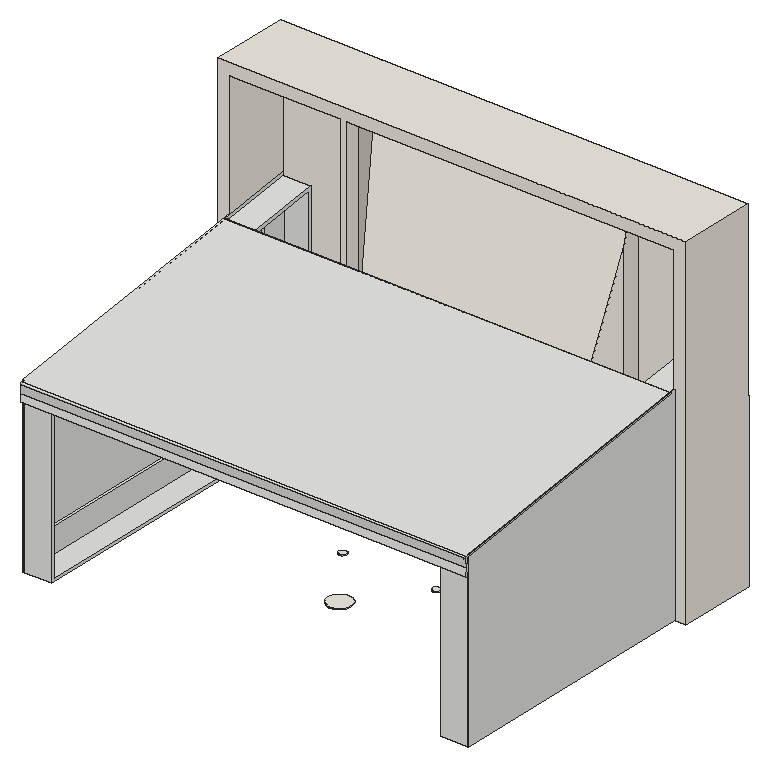
Revit family "Plumbing-Sink-Sloan-Valve-DSWD-81000", category Plumbing Fixtures, host Face, Revit 2019
Family settings
  Host = Face
  Round Connector Dimension = Use Diameter
  Part Type = Normal
  OmniClass Number = 23.45.05.14.14
  OmniClass Title = Sinks/Lavatories
  Cut with Voids When Loaded = No
  Shared = No
  Room Calculation Point = No
Parameters (values of type "DSWD-81000")
  Width = 30.00"  # constant formula
  Water Flow = 0.0 GPM
  Waste Connection = yes
  WFU = 2
  Vent Connection = no
  Valve Pressure Drop = 0.0 Pa
  URL = "www.sloanvalve.com"
  Sanitary Drain Connection Diameter = 1.50"
  Product data url = "https://bimobject.com/sloan_valve/product/sinks_designer-series_dswd-81000"
  Product Material = Sloan - Corian - Venaro White
  Product Guid = ""
  Part Number = ""
  Model = "DSWD-81000"
  Manufacturer = "Sloan Valve"  # constant formula
  Keynote = "10000"
  Hot Water Connection Diameter = 0.50"
  Height = 5.00"  # constant formula
  HWFU = 1.5
  HW Connection = yes
  z_Elevation [instance] = 34.00"  # constant formula
  Enclosure [instance] = yes
  Edition number = 1
  Description = "Designer Series™ 1-Station Wall-Mounted Weir Deck Sink."
  Depth = 22.00"  # constant formula
  Default Elevation = 0.00"  # constant formula
  Cold Water Connection Diameter = 0.50"
  CWFU = 1.5
  CW Connection = yes
  Assembly Code = "D2010400"
  ADA Compliant = 1 = 1  # yes
Reference planes (in)
  plane 1 "Center (Front/Back)": y = 0
  plane 2: z = 0
  plane 3 "Center (Left/Right)": x = 0
  plane 4: y = -14
  plane 5: y = -34
  plane 6: x = 0
  plane 7: z = 2.125
  plane 8: x = -15
  plane 9: x = 15
  plane 10: z = 22
  plane 11: x = -6
  plane 12: z = 2.69104
Forms (in)
  Extrusion 1, solid, not visible
    sketch origin (0, 0, 0) x (1, 0, 0) y (0, 1, 0)
      loop
        circle (0, -14) r 0.75
      loop
        circle (3, -10) r 0.25
      loop
        circle (-3, -10) r 0.25
    from 0 to 0.50971
Dimensions and locks (in)
  plane 4 to plane 1 "Center (Front/Back)" = 14.00"
  "z_Elevation": plane 5 to plane 1 "Center (Front/Back)"
  aligned and locked: plane 2 to host face
  aligned and locked: level to host face
  aligned and locked: plane 3 "Center (Left/Right)" to nested 1
  aligned and locked: plane 1 "Center (Front/Back)" to nested 1
Automatic sketch dimensions
  host sketch curve to host sketch curve = 96.00"  (x2)
  Extrusion 1 sketch curve to plane 3 "Center (Left/Right)" = 0.00"
  Extrusion 1 sketch curve to plane 4 = 0.00"
  Extrusion 1 sketch curve to plane 3 "Center (Left/Right)" = 3.00"
  plane 3 "Center (Left/Right)" to Extrusion 1 sketch curve = 3.00"
  plane 4 to Extrusion 1 sketch curve = 4.00"  (x2)
  radius of Extrusion 1 sketch curve = 0.75"
  radius of Extrusion 1 sketch curve = 0.25"  (x2)
Nested families (in)
  nested 1: "Geometry" at (0, 0, 0), type "Geometry"
Connectors (in)
  piping at (0, -14, 0), diameter 1.5, driven by "WFU", driven by "Sanitary Drain Connection Diameter"
    settings: on Extrusion 1, index 2, connector inside diameter 24.00", connector length 0.00", flow factor 0, pipe flow 0.0 GPM, pressure drop 0.0 Pa, fitting loss kfactor 0, connector angle 0.00°, fixture units 2, engagement length 0.00", angle of deflection 0.00°, flow configuration 3, flow direction 2, fitting loss method 0, system type 16, joint type 0, gender type 0, connector reference index -1, connector utility 0, adjustable connector no, is connector primary yes, connector description "Sanitary Drain Connection"
  piping at (3, -10, 0), diameter 0.5, driven by "Cold Water Connection Diameter"
    settings: on Extrusion 1, index 3, connector inside diameter 24.00", connector length 0.00", flow factor 0, pipe flow 0.0 GPM, pressure drop 0.0 Pa, fitting loss kfactor 0, connector angle 0.00°, fixture units 1.5, engagement length 0.00", angle of deflection 0.00°, flow configuration 3, flow direction 1, fitting loss method 0, system type 20, joint type 0, gender type 0, connector reference index -1, connector utility 0, adjustable connector no, is connector primary no, connector description "Cold Water Connection"
  piping at (-3, -10, 0), diameter 0.5, driven by "Hot Water Connection Diameter"
    settings: on Extrusion 1, index 4, connector inside diameter 24.00", connector length 0.00", flow factor 0, pipe flow 0.0 GPM, pressure drop 0.0 Pa, fitting loss kfactor 0, connector angle 0.00°, fixture units 1.5, engagement length 0.00", angle of deflection 0.00°, flow configuration 3, flow direction 1, fitting loss method 0, system type 19, joint type 0, gender type 0, connector reference index -1, connector utility 0, adjustable connector no, is connector primary no, connector description "Hot Water Connection"
Definition of nested family "Geometry"
  Parameters (values of type "Geometry")
    URL = ""
    Product Material = none
    Model = ""
    Metal Material = none
    Manufacturer = ""
    Enclosure Material = none
    Enclosure = yes
    Description = ""
    Default Elevation = 34.00"
    Assembly Code = ""
  Reference planes (in)
    plane 1 "Center (Front/Back)": y = 0
    plane 2: z = 0
    plane 3 "Center (Left/Right)": x = 0
    plane 4: z = 22
    plane 5: z = 5
    plane 6: z = 7.5
    plane 7: y = -5
    plane 8: y = -34
    plane 9: y = -13
    plane 10: z = 2.125
    plane 11: z = 19
    plane 12: y = -4
    plane 13: x = -15
    plane 14: x = 15
    plane 15: y = -11
  Forms (in)
    Extrusion 1, solid
      sketch origin (0, 0, 0) x (1, 0, 0) y (0, 1, 0)
        loop
          line (-48, 48) -> (-48, -48) -> (48, -48) -> (48, 48) -> (-48, 48)
      from 0 to -12
    Extrusion 2, solid, material <- "Product Material"
      sketch origin (-8.5, 0, 0) x (0, 1, 0) y (0, 0, 1)
        loop
          line (-5, 22) -> (-5, 21.25) -> (-0.98491, 21.25) -> (-4.57112, 8.25) -> (-5.75, 8.25) -> (-5.75, 4.25) -> (-0.75, 4.25) -> (-0.75, 0) -> (0, 0) -> (0, 5) -> (-5, 5) -> (-5, 7.5) -> (-4, 7.5) -> (0, 22) -> (-5, 22)
      from 0 to 17
    Sweep 3, solid, material <- "Product Material"
      path origin (0, 0, 0) x (1, 0, 0) y (0, 0, 1)
        loop
          line (15, 0) -> (15, 22) -> (8.5, 22)
      profile origin (15, 0, 22) x (0, 0, -1) y (0, -1, 0)
        loop
          line (0.75, 5) -> (0, 5) -> (0, 0) -> (0.75, 0) -> (0.75, 5)
    Extrusion 4, solid, material <- "Product Material"
      sketch origin (0, 0, 0) x (1, 0, 0) y (0, 0, 1)
        loop
          line (15, 22) -> (8.5, 22) -> (8.5, 0) -> (15, 0) -> (15, 22)
        loop
          line (-15, 22) -> (-15, 0) -> (-8.5, 0) -> (-8.5, 22) -> (-15, 22)
      from 0 to 0.75
    Sweep 5, solid, material <- "Product Material"
      path origin (0, 0, 0) x (-1, 0, 0) y (0, 0, 1)
        loop
          line (15, 0) -> (15, 22) -> (8.5, 22)
      profile origin (-15, 0, 22) x (0, 0, 1) y (0, -1, 0)
        loop
          line (-0.75, 5) -> (-0.75, 0) -> (0, 0) -> (0, 5) -> (-0.75, 5)
    Extrusion 6, solid, material <- "Metal Material"
      sketch origin (0, 0, 0) x (0, 1, 0) y (0, 0, 1)
        loop
          line (-4.5, 5.5625) -> (-4.5, 5.6875) -> (-5, 5.6875) -> (-5, 5.5625) -> (-4.5, 5.5625)
        loop
          line (-4.5, 6.1875) -> (-4.5, 6.3125) -> (-5, 6.3125) -> (-5, 6.1875) -> (-4.5, 6.1875)
        loop
          line (-4.5, 6.8125) -> (-4.5, 6.9375) -> (-5, 6.9375) -> (-5, 6.8125) -> (-4.5, 6.8125)
      from -6.75 to 7.13114
    Extrusion 7, solid, material <- "Product Material"
      sketch origin (0, 0, 0) x (1, 0, 0) y (0, 1, 0)
        loop
          line (-8.5, 0) -> (-8.5, -1.87117) -> (-7.13114, -5) -> (-6.75, -5) -> (-6.75, -4) -> (-8.5, 0)
      from 4.25 to 22
    Extrusion 8, solid, material <- "Product Material"
      sketch origin (0, 0, 0) x (-1, 0, 0) y (0, -1, 0)
        loop
          line (-8.5, 0) -> (-6.75, 4) -> (-6.75, 5) -> (-7.13114, 5) -> (-8.5, 1.87117) -> (-8.5, 0)
      from 4.25 to 22
    Extrusion 9, void
      sketch origin (0, 0, 0) x (0, 1, 0) y (0, 0, 1)
        loop
          line (-0.98491, 21.25) -> (-5, 21.25) -> (-5, 7.5) -> (-4.77801, 7.5) -> (-0.98491, 21.25)
      from -8.76751 to 9.46357
    Extrusion 10, void
      sketch origin (0, 0, 0) x (1, 0, 0) y (0, 1, 0)
        loop
          line (6.80301, -5.75) -> (8.5, -5.75) -> (8.5, -1.87117) -> (6.80301, -5.75)
      from 4.25 to 21.25
    Extrusion 11, void
      sketch origin (0, 0, 0) x (-1, 0, 0) y (0, -1, 0)
        loop
          line (6.80301, 5.75) -> (8.5, 1.87117) -> (8.5, 5.75) -> (6.80301, 5.75)
      from 4.25 to 21.25
    Extrusion 12, solid, material <- "Product Material"
      sketch origin (0, 0, 0) x (1, 0, 0) y (0, 1, 0)
        loop
          circle (0, -14) r 0.75
        loop
          circle (-3, -10) r 0.25
        loop
          circle (3, -10) r 0.25
      from -0.01123 to 0
  Cuts and joins
    Extrusion 10, Extrusion 11 cuts Extrusion 2
    Extrusion 11 cuts Sweep 3
    Extrusion 11 cuts Extrusion 4
    Extrusion 11 cuts Sweep 5
    Extrusion 11 cuts Extrusion 7
    Extrusion 9, Extrusion 11 cuts Extrusion 8
    joined: Extrusion 2, Sweep 3, Extrusion 4, Sweep 5, Extrusion 7, Extrusion 8
  Lines and regions (in)
    Masking region 1
      outline origin (0, 0, 0) x (1, 0, 0) y (0, 0, 1)
        loop
          line (15, 22) -> (-15, 22) -> (-15, 0) -> (15, 0) -> (15, 22)
    symbolic lines, detail levels medium+fine
      curve 1: line (8.5, 0, 22) -> (8.5, 0, 4.25)
      curve 2: line (8.5, 0, 4.25) -> (-8.5, 0, 4.25)
      curve 3: line (-8.5, 0, 4.25) -> (-8.5, 0, 22)
      curve 4: line (8.5, 0, 22) -> (6.80301, 0, 7.93924)
      curve 5: line (6.80301, 0, 7.93924) -> (6.80301, 0, 4.25)
      curve 6: line (-8.5, 0, 22) -> (-6.80301, 0, 7.93924)
      curve 7: line (-6.80301, 0, 7.93924) -> (-6.80301, 0, 4.25)
      curve 8: line (6.80301, 0, 7.93924) -> (-6.80301, 0, 7.93924)
    symbolic lines, detail levels fine
      curve 9: line (6.80301, 0, 6.09462) -> (-6.80301, 0, 6.09462)
      curve 10: line (6.80301, 0, 6.84462) -> (-6.80301, 0, 6.84462)
      curve 11: line (6.80301, 0, 5.34462) -> (-6.80301, 0, 5.34462)
      curve 12: circle (0, 0, 2.125) r 0.625 normal (0, -1, 0)
      curve 13: circle (-6, 0, 2.6875) r 0.5 normal (0, 1, 0)
  Dimensions and locks (in)
    plane 7 to plane 1 "Center (Front/Back)" = 5.00"
    plane 5 to Extrusion 1 = 5.00"
    Extrusion 1 to plane 4 = 22.00"
    plane 7 to plane 12 = 1.00"
    plane 13 to plane 14 = 30.00"
    Extrusion 1 to plane 5 = 5.00"
    locked: Extrusion 12 sketch curve to plane 8 at 20
    Extrusion 12 sketch curve to plane 3 "Center (Left/Right)" = 3.00"
    plane 3 "Center (Left/Right)" to Extrusion 12 sketch curve = 3.00"
    aligned and locked: plane 2 to Extrusion 1
    aligned and locked: level to Extrusion 1
    aligned and locked: plane 13 to nested 1
  Nested families (in)
    nested 1: "DSOF Enclosure" at (30, 0.34528, 0), visible <- "Enclosure", type "Geometry"
  Definition of nested family "DSOF Enclosure"
    Parameters (values of type "Geometry")
      Width = 90.00" - 2 * 0.69141"  # 88.61719"
      URL = ""
      Type Comments = ""
      Product Material = none
      Model = ""
      Manufacturer = ""
      Installation Type = ""
      Enclosure Material = none
      Enclosure = yes
      Description = ""
      Default Elevation = 34.00"
      Assembly Code = ""
    Reference planes (in)
      plane 1 "Center (Front/Back)": y = 0
      plane 2: z = 0
      plane 3 "Center (Left/Right)": x = 0
      plane 4: y = -5
      plane 5: z = 22
      plane 6: y = -34
      plane 7: y = -13
      plane 8: y = -11
      plane 9: y = -22
      plane 10: x = -44.30859
      plane 11: x = -45
      plane 12: x = -15
      plane 13: x = -15.69141
    Forms (in)
      Extrusion 1, solid
        sketch origin (0, 0, 0) x (1, 0, 0) y (0, 1, 0)
          loop
            line (-67.14883, 48) -> (-67.14883, -48) -> (67.56872, -48) -> (67.56872, 48) -> (-67.14883, 48)
        from 0 to -12
      Extrusion 2, solid, material <- "Enclosure Material", visible <- "Enclosure"
        sketch origin (15.00391, 25.02578, 59.38794) x (0, 1, 0) y (0, 0, 1)
          loop
            line (-30.62246, -47.25332) -> (-30.74068, -46.38635) -> (-32.10307, -46.57213) -> (-31.98485, -47.43911) -> (-30.62246, -47.25332)
          loop
            line (-32.03833, -47.50948) -> (-30.55208, -47.30681) -> (-30.6872, -46.31598) -> (-32.17344, -46.51865) -> (-32.03833, -47.50948)
          loop
            line (-45.48491, -49.28) -> (-45.60313, -48.41303) -> (-46.96553, -48.59881) -> (-46.8473, -49.46578) -> (-45.48491, -49.28)
          loop
            line (-45.41454, -49.33349) -> (-45.54965, -48.34265) -> (-47.0359, -48.54532) -> (-46.90078, -49.53615) -> (-45.41454, -49.33349)
        from -59 to -30.94531
      Extrusion 3, solid, material <- "Enclosure Material", visible <- "Enclosure"
        sketch origin (15.25391, 25.02656, 59.38608) x (0, 1, 0) y (0, 0, 1)
          loop
            arc (-30.72266, -46.22421) -> (-30.69997, -46.19435) -> (-30.72983, -46.17166) r 0.02652
            line (-30.72983, -46.17166) -> (-47.06827, -48.39963)
            arc (-47.06827, -48.39963) -> (-47.12442, -48.44125) -> (-47.14314, -48.50859) r 0.10755
            line (-47.14314, -48.50859) -> (-47.0696, -49.04788) -> (-47.14957, -49.517) -> (-47.10028, -49.5254) -> (-47.01903, -49.04872) -> (-47.0933, -48.504)
            arc (-47.0933, -48.504) -> (-47.08629, -48.47456) -> (-47.0653, -48.45275) r 0.05755
            line (-47.0653, -48.45275) -> (-30.72266, -46.22421)
        from -59.5 to -30.94531
      Sweep 4, solid, material <- "Enclosure Material", visible <- "Enclosure"
        path origin (15.25391, 0, 0) x (0, 1, 0) y (0, 0, 1)
          loop
            line (-1.09528, 13.69464) -> (-21.875, 10.86104) -> (-21.875, 0) -> (-1.09528, 0) -> (-1.09528, 13.69464)
        profile origin (15.25391, -1.09528, 6.84732) x (1, 0, 0) y (0, 1, 0)
          loop
            line (-59.4375, 0) -> (-59.4375, -1.75) -> (-59.25, -1.75) -> (-59.25, -0.1875) -> (-57.6875, -0.1875) -> (-57.6875, 0) -> (-59.4375, 0)
      Sweep 5, solid, material <- "Enclosure Material", visible <- "Enclosure"
        path origin (-15.19141, 0, 0) x (0, 1, 0) y (0, 0, -1)
          loop
            line (-1.09528, -13.69464) -> (-1.09528, 0) -> (-21.875, 0) -> (-21.875, -10.86104) -> (-1.09528, -13.69464)
        profile origin (-15.19141, -1.09528, 6.84732) x (-1, 0, 0) y (0, -1, 0)
          loop
            line (0.5625, 0) -> (2.3125, 0) -> (2.3125, 0.1875) -> (0.75, 0.1875) -> (0.75, 1.75) -> (0.5625, 1.75) -> (0.5625, 0)
      Extrusion 6, solid, material <- "Enclosure Material", visible <- "Enclosure"
        sketch origin (25.61043, 0, 0) x (0, 1, 0) y (0, 0, 1)
          loop
            line (-1.09528, 13.84278) -> (-21.875, 11.00919) -> (-21.875, 0) -> (-1.09528, 0) -> (-1.09528, 13.84278)
        from -69.91903 to -69.85653
      Extrusion 7, solid, material <- "Enclosure Material", visible <- "Enclosure"
        sketch origin (-75, -180, 96) x (0, 0, 1) y (0, 1, 0)
          loop
            line (-82.15722, 178.90472) -> (-96, 178.90472) -> (-96, 158.125) -> (-84.99081, 158.125) -> (-82.15722, 178.90472)
        from -59.24609 to -59.30859
    Cuts and joins
      joined: Extrusion 2, Extrusion 3, Sweep 4, Sweep 5, Extrusion 6
    Dimensions and locks (in)
      locked: Extrusion 1 to plane 5 at 22
      locked: plane 4 to plane 1 "Center (Front/Back)" at 5
      plane 6 to plane 8 = 23.00"
      plane 6 to plane 7 = 21.00"
      "Default Elevation": plane 6 to plane 1 "Center (Front/Back)"
      plane 1 "Center (Front/Back)" to plane 6 = 34.00"
      plane 10 to plane 3 "Center (Left/Right)" = 44.30859"
      aligned and locked: Extrusion 1 to plane 2
      aligned and locked: Extrusion 1 to level
    Automatic sketch dimensions
      Extrusion 1 sketch curve to Extrusion 1 sketch curve = 134.71755"
      Extrusion 1 sketch curve to Extrusion 1 sketch curve = 96.00"
      plane 9 to Extrusion 2 sketch curve = 0.01011"
      Extrusion 2 sketch curve to plane 9 = 0.06026"
      Extrusion 2 sketch curve to plane 9 = 0.125"
      Extrusion 2 sketch curve to Extrusion 2 sketch curve = 0.05348"  (x6)
      Extrusion 2 sketch curve to Extrusion 2 sketch curve = 1.36239"
      plane 4 to Extrusion 2 sketch curve = 2.14766"
      Extrusion 2 sketch curve to Extrusion 2 sketch curve = 0.07037"  (x3)
      Extrusion 2 sketch curve to Extrusion 2 sketch curve = 0.06474"
      plane 4 to Extrusion 2 sketch curve = 0.7149"
      level to Extrusion 2 sketch curve = 9.85179"
      Extrusion 2 sketch curve to Extrusion 2 sketch curve = 0.1323"  (x2)
      level to Extrusion 2 sketch curve = 11.87847"
      Extrusion 3 sketch curve to Extrusion 3 sketch curve = 0.00"  (x2)
      Extrusion 3 sketch curve to plane 9 = 0.12301"
      Extrusion 3 sketch curve to plane 9 = 0.11658"
      Extrusion 3 sketch curve to Extrusion 3 sketch curve = 0.04929"
      Extrusion 3 sketch curve to Extrusion 3 sketch curve = 0.04984"
      Extrusion 3 sketch curve to plane 9 = 0.04304"
      Extrusion 3 sketch curve to plane 9 = 0.04171"
      Extrusion 3 sketch curve to plane 9 = 0.03874"
      Extrusion 3 sketch curve to plane 9 = 0.00923"
      plane 9 to Extrusion 3 sketch curve = 0.00753"
      Extrusion 3 sketch curve to plane 4 = 0.70327"
      Extrusion 3 sketch curve to Extrusion 3 sketch curve = 0.00358"  (x2)
      Extrusion 3 sketch curve to plane 5 = 8.78558"
      Extrusion 3 sketch curve to Extrusion 3 sketch curve = 0.02628"
      Extrusion 3 sketch curve to level = 10.98645"
      Extrusion 3 sketch curve to Extrusion 3 sketch curve = 0.05312"
      Extrusion 3 sketch curve to Extrusion 3 sketch curve = 0.0494"
      Extrusion 3 sketch curve to Extrusion 3 sketch curve = 0.53929"
      Extrusion 3 sketch curve to Extrusion 3 sketch curve = 0.00084"
      Sweep 4 sketch curve to level = 0.00"
      Sweep 4 sketch curve to plane 9 = 0.125"
      plane 1 "Center (Front/Back)" to Sweep 4 sketch curve = 1.09528"
      Sweep 4 sketch curve to Sweep 4 sketch curve = 10.86104"
      plane 5 to Sweep 4 sketch curve = 8.30536"
      profile plane to Sweep 4 sketch curve = 0.00"
      profile plane to Sweep 4 sketch curve = 1.75"
      Sweep 4 sketch curve to profile plane = 59.4375"
      Sweep 4 sketch curve to Sweep 4 sketch curve = 0.1875"
      profile plane to Sweep 4 sketch curve = 0.1875"
      Sweep 4 sketch curve to Sweep 4 sketch curve = 1.5625"
      Sweep 5 sketch curve to level = 0.00"
      Sweep 5 sketch curve to plane 9 = 0.125"
      plane 1 "Center (Front/Back)" to Sweep 5 sketch curve = 1.09528"
      Sweep 5 sketch curve to Sweep 5 sketch curve = 10.86104"
      plane 5 to Sweep 5 sketch curve = 8.30536"
      Sweep 5 sketch curve to profile plane = 0.00"
      profile plane to Sweep 5 sketch curve = 0.5625"
      Sweep 5 sketch curve to Sweep 5 sketch curve = 0.1875"
      Sweep 5 sketch curve to profile plane = 0.1875"
      Sweep 5 sketch curve to Sweep 5 sketch curve = 1.5625"  (x2)
      Extrusion 6 sketch curve to level = 0.00"
      Extrusion 6 sketch curve to plane 9 = 0.125"
      plane 1 "Center (Front/Back)" to Extrusion 6 sketch curve = 1.09528"
      plane 5 to Extrusion 6 sketch curve = 10.99081"
      plane 5 to Extrusion 6 sketch curve = 8.15722"
      Extrusion 7 sketch curve to level = 0.00"
      Extrusion 7 sketch curve to plane 9 = 0.125"
      plane 5 to Extrusion 7 sketch curve = 10.99081"
      plane 1 "Center (Front/Back)" to Extrusion 7 sketch curve = 1.09528"
      plane 5 to Extrusion 7 sketch curve = 8.15722"
